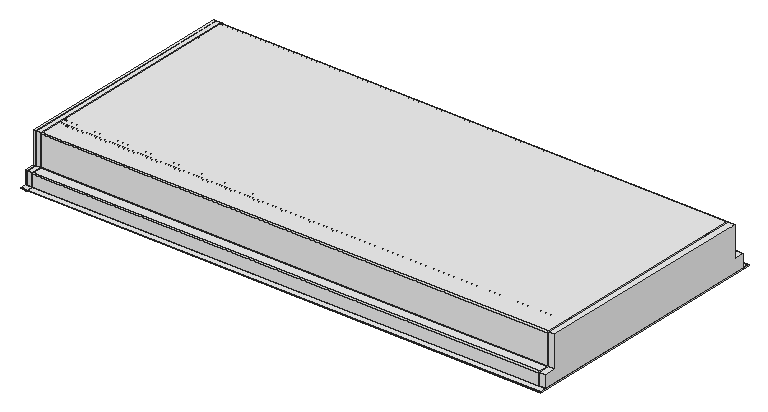
Revit family "VRUi", category Lighting Fixtures, host Ceiling, Revit 2019
Family settings
  Host = Ceiling
  Round Connector Dimension = Use Diameter
  Part Type = Normal
  OmniClass Number = 23.80.70.11.14.17
  OmniClass Title = Direct/Indirect
  Always vertical = Yes
  Cut with Voids When Loaded = No
  Light Source = Yes
  Shared = No
  Room Calculation Point = No
Parameters (values of type "VRUi-2X4-LED840K240LUNV-P82P08")
  Width = 1' - 11 3/4"
  Wattage = 200 W
  built-in parameter 1150110 = 1 (stored number, unit not read)
  Voltage = 120 V
  URL = "https://www.viscor.com/en/products/vru"
  built-in parameter 1114217 = 0.9 (stored number, unit not read)
  Tilt Angle = 90.00°
  built-in parameter 1150109 = 1 (stored number, unit not read)
  built-in parameter 1150134 = 12
  built-in parameter 1150113 = 1 (stored number, unit not read)
  Photometric Web File = "VRUI-2X4 -LED840K240LUNV-P82P08.IES"
  Model = "VRU"  # constant formula
  Manufacturer = "CERTOLUX by VISCOR"  # constant formula
  Lumens = 24000 lm
  built-in parameter 1150115 = 1 (stored number, unit not read)
  built-in parameter 1150105 = 1909.9 (stored number, unit not read)
  built-in parameter 1150137 = (empty or 0)
  built-in parameter 1150139 = (empty or 0)
  Lens2 Finish = none
  Lens1 Finish = Acrylic - Viscor - 0.040" White Frosted  with Polycarbonate Clear  0.125" Thick
  Length = 3' - 11 3/4"
  Lamp Wattage = 200 VA
  built-in parameter 1150112 = 1 (stored number, unit not read)
  built-in parameter 1150114 = 1 (stored number, unit not read)
  Lamp = "LED"  # constant formula
  built-in parameter 1150132 = (empty or 0)
  built-in parameter 1150102 = (empty or 0)
  built-in parameter 1150138 = (empty or 0)
  built-in parameter 1150107 = 4000 (stored number, unit not read)
  built-in parameter 1150106 = 19.099 (stored number, unit not read)
  Housing Finish = Metal - Viscor - White
  Emit from Rectangle Width = Width  # 1' - 11 3/4"
  Emit from Rectangle Length = Length  # 3' - 11 3/4"
  Emit Shape Visible in Rendering = no
  built-in parameter 1150104 = 11.148 (stored number, unit not read)
  Dimming Lamp Color Temperature Shift = <None>
  Description = "LED Vandal Resistant Recessed Universal"  # constant formula
  Color Filter = 16777215
  built-in parameter 1114218 = 1 (stored number, unit not read)
  built-in parameter 1150133 = 10 (stored number, unit not read)
  Assembly Code = "D5020200"
  Apparent Load = Lamp Wattage  # 200 VA
Types (16): name | Width | Wattage | Photometric Web File | Lumens | built-in parameter 1150105 | Lens2 Finish | Length | Lamp Wattage | built-in parameter 1150106 | Emit from Rectangle Width | Emit from Rectangle Length | built-in parameter 1150104 | Apparent Load
  (no name) | 1' - 11 3/4" | 200 W | "VRUI-2X4 -LED840K240LUNV-P82P08.IES" | 24000 lm | 1909.9 (stored number, unit not read) | none | 3' - 11 3/4" | 200 VA | 19.099 (stored number, unit not read) | 1' - 11 3/4" | 3' - 11 3/4" | 11.148 (stored number, unit not read) | 200 VA
  VRUi-1X4-LED840K035LUNV-P82P08 | 0' - 11 3/4" | 33 W | "VRUI-1X4-LED840K035LUNV-P82P08.ies" | 3564 lm | 283.61 (stored number, unit not read) | Polycarbonate - Viscor - 0.156in Prismatic | 3' - 11 3/4" | 33 VA | 2.8361 (stored number, unit not read) | 0' - 11 3/4" | 3' - 11 3/4" | 10.034 (stored number, unit not read) | 33 VA
  VRUi-2X2-LED840K035LUNV-P82P08 | 1' - 11 3/4" | 32 W | "VRUI-2X2-LED840K035LUNV-P82P08.ies" | 3552 lm | 282.66 (stored number, unit not read) | none | 1' - 11 3/4" | 32 VA | 2.8266 (stored number, unit not read) | 1' - 11 3/4" | 1' - 11 3/4" | 10.312 (stored number, unit not read) | 32 VA
  VRUi-2X4-LED840K055LUNV-P82P08 | 1' - 11 3/4" | 47 W | "VRUI-2X4-LED840K055LUNV-P82P08.ies" | 5546 lm | 441.34 (stored number, unit not read) | none | 3' - 11 3/4" | 47 VA | 4.4134 (stored number, unit not read) | 1' - 11 3/4" | 3' - 11 3/4" | 10.963 (stored number, unit not read) | 47 VA
  VRUi-1X4-LED840K055LUNV-P82P08 | 0' - 11 3/4" | 53 W | "VRUI-1X4-LED840K055LUNV-P82P08.ies" | 5512 lm | 438.63 (stored number, unit not read) | none | 3' - 11 3/4" | 53 VA | 4.3863 (stored number, unit not read) | 0' - 11 3/4" | 3' - 11 3/4" | 9.6619 (stored number, unit not read) | 53 VA
  VRUi-1X4-LED840K070LUNV-P82P08 | 0' - 11 3/4" | 70 W | "VRUI-1X4-LED840K070LUNV-P82P08.ies" | 7070 lm | 562.61 (stored number, unit not read) | none | 3' - 11 3/4" | 70 VA | 5.6261 (stored number, unit not read) | 0' - 11 3/4" | 3' - 11 3/4" | 9.3832 (stored number, unit not read) | 70 VA
  VRUi-1X4-LED840K100LUNV-P82P08 | 0' - 11 3/4" | 99 W | "VRUI-1X4-LED840K100LUNV-P82P08.ies" | 10098 lm | 803.57 (stored number, unit not read) | none | 3' - 11 3/4" | 99 VA | 8.0357 (stored number, unit not read) | 0' - 11 3/4" | 3' - 11 3/4" | 9.4761 (stored number, unit not read) | 99 VA
  VRUi-2X2-LED840K055LUNV-P82P08 | 1' - 11 3/4" | 52 W | "VRUI-2X2-LED840K055LUNV-P82P08.ies" | 5564 lm | 442.77 (stored number, unit not read) | none | 1' - 11 3/4" | 52 VA | 4.4277 (stored number, unit not read) | 1' - 11 3/4" | 1' - 11 3/4" | 9.9406 (stored number, unit not read) | 52 VA
  VRUi-2X2-LED840K070LUNV-P82P08 | 1' - 11 3/4" | 68 W | "VRUI-2X2-LED840K070LUNV-P82P08.ies" | 7072 lm | 562.77 (stored number, unit not read) | none | 1' - 11 3/4" | 68 VA | 5.6277 (stored number, unit not read) | 1' - 11 3/4" | 1' - 11 3/4" | 9.6619 (stored number, unit not read) | 68 VA
  VRUi-2X2-LED840K100LUNV-P82P08 | 1' - 11 3/4" | 98 W | "VRUI-2X2-LED840K100LUNV-P82P08.ies" | 9996 lm | 795.46 (stored number, unit not read) | none | 1' - 11 3/4" | 98 VA | 7.9546 (stored number, unit not read) | 1' - 11 3/4" | 1' - 11 3/4" | 9.4761 (stored number, unit not read) | 98 VA
  VRUi-2X4-LED840K070LUNV-P82P08 | 1' - 11 3/4" | 61 W | "VRUI-2X4-LED840K070LUNV-P82P08.ies" | 7076 lm | 563.09 (stored number, unit not read) | none | 3' - 11 3/4" | 61 VA | 5.6309 (stored number, unit not read) | 1' - 11 3/4" | 3' - 11 3/4" | 10.777 (stored number, unit not read) | 61 VA
  VRUi-2X4-LED840K100LUNV-P82P08 | 1' - 11 3/4" | 82 W | "VRUI-2X4-LED840K100LUNV-P82P08.ies" | 10004 lm | 796.09 (stored number, unit not read) | none | 3' - 11 3/4" | 82 VA | 7.9609 (stored number, unit not read) | 1' - 11 3/4" | 3' - 11 3/4" | 11.334 (stored number, unit not read) | 82 VA
  VRUi-2X4-LED840K120LUNV-P82P08 | 1' - 11 3/4" | 101 W | "VRUI-2X4-LED840K120LUNV-P82P08.ies" | 12120 lm | 964.48 (stored number, unit not read) | none | 3' - 11 3/4" | 101 VA | 9.6448 (stored number, unit not read) | 1' - 11 3/4" | 3' - 11 3/4" | 11.148 (stored number, unit not read) | 101 VA
  VRUi-2X4-LED840K180LUNV-P82P08 | 1' - 11 3/4" | 146 W | "MD1UI-2X4-LED840K180LUNV-P82P68.ies" | 18104 lm | 1440.7 (stored number, unit not read) | none | 3' - 11 3/4" | 146 VA | 14.407 (stored number, unit not read) | 1' - 11 3/4" | 3' - 11 3/4" | 11.52 (stored number, unit not read) | 146 VA
  VRUi-2X4-LED840K240LUNV-P82P08 | 1' - 11 3/4" | 200 W | "VRUI-2X4 -LED840K240LUNV-P82P08.IES" | 24000 lm | 1909.9 (stored number, unit not read) | none | 3' - 11 3/4" | 200 VA | 19.099 (stored number, unit not read) | 1' - 11 3/4" | 3' - 11 3/4" | 11.148 (stored number, unit not read) | 200 VA
  VRUi-1X4-LED835K035LUNV-P42 | 0' - 11 3/4" | 34 W | "VRUI-1X4-LED835K035LUNV-P42.ies" | 3162 lm | 251.62 (stored number, unit not read) | Polycarbonate - Viscor - 0.156in Prismatic | 3' - 11 3/4" | 34 VA | 2.5162 (stored number, unit not read) | 0' - 11 3/4" | 3' - 11 3/4" | 8.64 (stored number, unit not read) | 34 VA
Reference planes (in)
  plane 1 "Light Source Axis (F/B)": y = 0
  plane 2 "Ceiling": z = 96
  plane 3 "Light Source Axis (L/R)": x = 0
  plane 4 "Light Source Elevation": z = 96
  plane 5: y = 11.875
  plane 6: y = -11.875
  plane 7 "Left": x = -23.875
  plane 8 "Right": x = 23.875
  plane 9: x = -23.25
  plane 10: x = 23.25
  plane 11: x = -22.625
  plane 12: x = 22.625
  plane 13 "USofFrame": z = 96.045
  plane 14: y = -11.25
  plane 15: y = 11.25
  plane 16 "Lens": z = 96.17
Forms (in)
  Extrusion 1, solid, material "Metal - Viscor - White" <- "Housing Finish"
    sketch origin (0, 0, 0) x (0, 1, 0) y (0, 0, 1)
      loop
        arc (11.3015, 97.168) -> (11.28217, 97.21467) -> (11.2355, 97.234) r 0.066
        line (11.2355, 97.234) -> (10.3115, 97.234)
        arc (10.3115, 97.234) -> (10.29029, 97.24279) -> (10.2815, 97.264) r 0.03
        line (10.2815, 97.264) -> (10.2815, 100.007)
        arc (10.2815, 100.007) -> (10.26217, 100.05367) -> (10.2155, 100.073) r 0.066
        line (10.2155, 100.073) -> (-10.2155, 100.073)
        arc (-10.2155, 100.073) -> (-10.26217, 100.05367) -> (-10.2815, 100.007) r 0.066
        line (-10.2815, 100.007) -> (-10.2815, 97.264)
        arc (-10.2815, 97.264) -> (-10.29029, 97.24279) -> (-10.3115, 97.234) r 0.03
        line (-10.3115, 97.234) -> (-11.2355, 97.234)
        arc (-11.2355, 97.234) -> (-11.28217, 97.21467) -> (-11.3015, 97.168) r 0.066
        line (-11.3015, 97.168) -> (-11.3015, 96.073) -> (-11.26634, 96.073) -> (-11.26634, 97.168)
        arc (-11.26634, 97.168) -> (-11.25731, 97.18981) -> (-11.2355, 97.19884) r 0.03084
        line (-11.2355, 97.19884) -> (-10.3115, 97.19884)
        arc (-10.3115, 97.19884) -> (-10.26543, 97.21793) -> (-10.24634, 97.264) r 0.06516
        line (-10.24634, 97.264) -> (-10.24634, 100.007)
        arc (-10.24634, 100.007) -> (-10.23731, 100.02881) -> (-10.2155, 100.03784) r 0.03084
        line (-10.2155, 100.03784) -> (10.2155, 100.03784)
        arc (10.2155, 100.03784) -> (10.23731, 100.02881) -> (10.24634, 100.007) r 0.03084
        line (10.24634, 100.007) -> (10.24634, 97.264)
        arc (10.24634, 97.264) -> (10.26543, 97.21793) -> (10.3115, 97.19884) r 0.06516
        line (10.3115, 97.19884) -> (11.2355, 97.19884)
        arc (11.2355, 97.19884) -> (11.25731, 97.18981) -> (11.26634, 97.168) r 0.03084
        line (11.26634, 97.168) -> (11.26634, 96.073) -> (11.3015, 96.073) -> (11.3015, 97.168)
    from -23.25 to 23.25
  Extrusion 2, solid
    sketch origin (0, 0, 0) x (0, 1, 0) y (0, 0, 1)
      loop
        arc (7.664, 100.03702) -> (7.61097, 100.01506) -> (7.58901, 99.96204) r 0.07499
        line (7.58901, 99.96204) -> (7.589, 99.487)
        arc (7.589, 99.487) -> (7.57758, 99.45942) -> (7.55, 99.448) r 0.039
        line (7.55, 99.448) -> (-7.55, 99.448)
        arc (-7.55, 99.448) -> (-7.57758, 99.45942) -> (-7.589, 99.487) r 0.039
        line (-7.589, 99.487) -> (-7.589, 99.96195)
        arc (-7.589, 99.96195) -> (-7.61097, 100.01498) -> (-7.664, 100.037) r 0.075
        line (-7.664, 100.037) -> (-8.214, 100.037) -> (-8.214, 100.00184) -> (-7.664, 100.00179)
        arc (-7.664, 100.00179) -> (-7.63583, 99.99012) -> (-7.62416, 99.96195) r 0.03984
        line (-7.62416, 99.96195) -> (-7.62416, 99.487)
        arc (-7.62416, 99.487) -> (-7.60244, 99.43456) -> (-7.55, 99.41284) r 0.07416
        line (-7.55, 99.41284) -> (7.55, 99.41284)
        arc (7.55, 99.41284) -> (7.60244, 99.43456) -> (7.62417, 99.487) r 0.07416
        line (7.62417, 99.487) -> (7.62417, 99.96204)
        arc (7.62417, 99.96204) -> (7.63583, 99.9902) -> (7.664, 100.00187) r 0.03983
        line (7.664, 100.00187) -> (8.214, 100.00187) -> (8.214, 100.03702) -> (7.664, 100.03702)
    from -23.25 to 23.25
  Extrusion 3, solid, material "Metal - Viscor - White" <- "Housing Finish"
    sketch origin (0, 0, 0) x (0, 1, 0) y (0, 0, 1)
      loop
        line (11.299, 96.095) -> (11.299, 97.234) -> (10.2815, 97.234) -> (10.2815, 100.073) -> (-10.2815, 100.073) -> (-10.2815, 97.234) -> (-11.3015, 97.234) -> (-11.3015, 96.095) -> (11.299, 96.095)
    from -23.875 to -23.25
  Extrusion 4, void
    sketch origin (-23.25, 0, 0) x (0, -1, 0) y (0, 0, 1)
      loop
        line (10.24634, 100.03784) -> (-10.24634, 100.03784) -> (-10.24634, 97.19884) -> (-11.26384, 97.19884) -> (-11.26384, 96.13016) -> (11.26634, 96.13016) -> (11.26634, 97.19884) -> (10.24634, 97.19884) -> (10.24634, 100.03784)
    from 0 to 0.47339
  Extrusion 5, solid, material "Metal - Viscor - White" <- "Housing Finish"
    sketch origin (0, 0, 0) x (0, 1, 0) y (0, 0, -1)
      loop
        line (11.299, -96.095) -> (-11.3015, -96.095) -> (-11.3015, -97.234) -> (-10.2815, -97.234) -> (-10.2815, -100.073) -> (10.2815, -100.073) -> (10.2815, -97.234) -> (11.299, -97.234) -> (11.299, -96.095)
    from -23.875 to -23.25
  Extrusion 6, void
    sketch origin (23.25, 0, 0) x (0, -1, 0) y (0, 0, -1)
      loop
        line (10.24634, -100.03784) -> (10.24634, -97.19884) -> (11.26634, -97.19884) -> (11.26634, -96.13016) -> (-11.26384, -96.13016) -> (-11.26384, -97.19884) -> (-10.24634, -97.19884) -> (-10.24634, -100.03784) -> (10.24634, -100.03784)
    from 0 to 0.47339
  Extrusion 7, solid, material "Metal - Viscor - White" <- "Housing Finish"
    sketch origin (0, 0, 0) x (0, 1, 0) y (0, 0, 1)
      loop
        line (10.39827, 96.724) -> (9.1406, 97.23213) -> (7.45632, 99.38791)
        arc (7.45632, 99.38791) -> (7.43432, 99.40566) -> (7.40677, 99.412) r 0.063
        line (7.40677, 99.412) -> (6.8125, 99.412) -> (6.8125, 99.38075) -> (7.42226, 99.38075) -> (9.12113, 97.20629) -> (10.38657, 96.69503) -> (10.39827, 96.724)
    from -22.625 to 22.625
  Extrusion 8, solid, material "Metal - Viscor - White" <- "Housing Finish"
    sketch origin (0, 0, 0) x (0, -1, 0) y (0, 0, -1)
      loop
        line (10.39827, -96.724) -> (10.38657, -96.69503) -> (9.12113, -97.20629) -> (7.42226, -99.38075) -> (6.8125, -99.38075) -> (6.8125, -99.412) -> (7.40677, -99.412)
        arc (7.40677, -99.412) -> (7.43432, -99.40566) -> (7.45632, -99.38791) r 0.063
        line (7.45632, -99.38791) -> (9.1406, -97.23213) -> (10.39827, -96.724)
    from -22.625 to 22.625
  Extrusion 9, solid, material "Metal - Viscor - White" <- "Housing Finish"
    sketch origin (0, 0, 0) x (0, 1, 0) y (0, 0, 1)
      loop
        line (11.8745, 96) -> (11.8745, 96.04687) -> (11.2715, 96.04688)
        arc (11.2715, 96.04688) -> (11.24313, 96.05863) -> (11.23067, 96.087) r 0.04012
        line (11.23067, 96.087) -> (11.23067, 96.63488) -> (-11.23138, 96.63488) -> (-11.23138, 96.087)
        arc (-11.23138, 96.087) -> (-11.24313, 96.05863) -> (-11.2715, 96.04687) r 0.04012
        line (-11.2715, 96.04687) -> (-11.8745, 96.04687) -> (-11.8745, 96) -> (-11.2715, 96)
        arc (-11.2715, 96) -> (-11.20998, 96.02548) -> (-11.1845, 96.087) r 0.087
        line (-11.1845, 96.087) -> (-11.1845, 96.588) -> (11.18379, 96.588) -> (11.1845, 96.087)
        arc (11.1845, 96.087) -> (11.20998, 96.02548) -> (11.2715, 96) r 0.087
        line (11.2715, 96) -> (11.8745, 96)
    from -23.875 to 23.875
  Extrusion 10, solid, material "Metal - Viscor - White" <- "Housing Finish"
    sketch origin (0, 0, 96) x (1, 0, 0) y (0, 1, 0)
      loop
        line (-23.875, -11.875) -> (-23.25, -11.875) -> (-23.25, 11.875) -> (-23.875, 11.875) -> (-23.875, -11.875)
    from 0 to 0.045
  Extrusion 11, solid, material "Metal - Viscor - White" <- "Housing Finish"
    sketch origin (0, 0, 96) x (1, 0, 0) y (0, 1, 0)
      loop
        line (23.25, -11.875) -> (23.875, -11.875) -> (23.875, 11.875) -> (23.25, 11.875) -> (23.25, -11.875)
    from 0 to 0.045
  Extrusion 12, solid, material "Metal - Viscor - White" <- "Housing Finish"
    sketch origin (0, 0, 96) x (1, 0, 0) y (0, 1, 0)
      loop
        line (-23.25, -11.25) -> (23.25, -11.25) -> (23.25, 11.25) -> (-23.25, 11.25) -> (-23.25, -11.25)
      loop
        line (-22, -10) -> (22, -10) -> (22, 10) -> (-22, 10) -> (-22, -10)
    from 0 to 0.045
  Extrusion 13, void
    sketch origin (0, 0, 96) x (1, 0, 0) y (0, 1, 0)
      loop
        line (-22.625, -9.5905) -> (22.625, -9.5905) -> (22.625, 9.5905) -> (-22.625, 9.5905) -> (-22.625, -9.5905)
    from 0.048 to 0.25572
  Extrusion 14, solid, material "Acrylic - Viscor - 0.040" White Frosted  with Polycarbonate Clear  0.125" Thick" <- "Lens1 Finish"
    sketch origin (0, 0, 96) x (1, 0, 0) y (0, 1, 0)
      loop
        line (-22.25, -10.25) -> (22.25, -10.25) -> (22.25, 10.25) -> (-22.25, 10.25) -> (-22.25, -10.25)
    from 0.045 to 0.17
  Extrusion 15, void
    sketch origin (43.99109, -53.88196, 0) x (1, 0, 0) y (0, 1, 0)
      loop
        line (-67.86609, 65.75696) -> (-67.86609, 42.00696) -> (-20.11609, 42.00696) -> (-20.11609, 65.75696) -> (-67.86609, 65.75696)
    from 95.17339 to 100.66621
Cuts and joins
  Extrusion 4, Extrusion 6, Extrusion 13 cuts Extrusion 2
  Extrusion 4, Extrusion 6 cuts Extrusion 3
  Extrusion 6 cuts Extrusion 5
  Extrusion 13 cuts Extrusion 1
  Extrusion 13 cuts Extrusion 7
  Extrusion 13 cuts Extrusion 8
  Extrusion 13 cuts Extrusion 9
  Extrusion 13 cuts Extrusion 12
Dimensions and locks (in)
  equal spacing: host sketch curve, plane 3 "Light Source Axis (L/R)", host sketch curve
  equal spacing: host sketch curve, plane 1 "Light Source Axis (F/B)", host sketch curve
  host sketch curve to host sketch curve = 10' - 0"  (x2)
  locked: import instance to host ceiling at 4.109
  equal spacing: plane 7 "Left", plane 3 "Light Source Axis (L/R)", plane 8 "Right"
  "Length": plane 7 "Left" to plane 8 "Right"
  equal spacing: plane 5, plane 1 "Light Source Axis (F/B)", plane 6
  "Width": plane 5 to plane 6
  locked: plane 11 to plane 9 at 0.625
  locked: plane 7 "Left" to plane 9 at 0.625
  plane 12 to plane 10 = 0' - 0 5/8"
  plane 10 to plane 8 "Right" = 0' - 0 5/8"
  locked: plane 13 "USofFrame" to plane 2 "Ceiling" at 0.045
  equal spacing: plane 5, Extrusion 12 sketch curve, Extrusion 12 sketch curve
  equal spacing: plane 7 "Left", Extrusion 12 sketch curve, Extrusion 12 sketch curve
  locked: plane 6 to Extrusion 12 sketch curve at 0.625
  locked: plane 8 "Right" to Extrusion 12 sketch curve at 0.625
  plane 16 "Lens" to plane 13 "USofFrame" = 0' - 0 1/8"
  aligned and locked: plane 3 "Light Source Axis (L/R)" to imposter light
  aligned and locked: plane 1 "Light Source Axis (F/B)" to imposter light
  aligned and locked: plane 4 "Light Source Elevation" to imposter light
  aligned and locked: Extrusion 1 to plane 9
  aligned and locked: plane 10 to Extrusion 1
  aligned and locked: Extrusion 2 to plane 9
  aligned and locked: plane 10 to Extrusion 2
  aligned and locked: Extrusion 3 to plane 7 "Left"
  aligned and locked: plane 9 to Extrusion 3
  aligned and locked: Extrusion 7 to plane 11
  aligned and locked: plane 12 to Extrusion 7
  aligned and locked: Extrusion 8 to plane 11
  aligned and locked: plane 12 to Extrusion 8
  aligned and locked: plane 8 "Right" to cut or joined group of Extrusion 5, Extrusion 6
  aligned and locked: cut or joined group of Extrusion 5, Extrusion 6 to plane 10
  aligned and locked: Extrusion 9 to plane 7 "Left"
  aligned and locked: plane 8 "Right" to Extrusion 9
  aligned and locked: Extrusion 10 sketch curve to plane 7 "Left"
  aligned and locked: plane 9 to Extrusion 10 sketch curve
  aligned and locked: plane 13 "USofFrame" to Extrusion 10
  aligned and locked: Extrusion 11 sketch curve to plane 10
  aligned and locked: Extrusion 11 sketch curve to plane 6
  aligned and locked: plane 5 to Extrusion 11 sketch curve
  aligned and locked: plane 13 "USofFrame" to Extrusion 11
  aligned and locked: plane 13 "USofFrame" to Extrusion 12
  aligned and locked: Extrusion 14 to plane 13 "USofFrame"
  aligned and locked: plane 16 "Lens" to Extrusion 14
  aligned and locked: Extrusion 15 to plane 7 "Left"
  aligned and locked: plane 8 "Right" to Extrusion 15
  aligned and locked: Extrusion 15 to plane 6
  aligned and locked: plane 5 to Extrusion 15
Automatic sketch dimensions
  Extrusion 1 sketch curve to Extrusion 1 sketch curve = 0' - 0"  (x12)
  plane 2 "Ceiling" to Extrusion 1 sketch curve = 0' - 0.073"  (x2)
  plane 6 to Extrusion 1 sketch curve = 0' - 0.5735"
  Extrusion 1 sketch curve to Extrusion 1 sketch curve = 0' - 0 9/256"
  Extrusion 1 sketch curve to Extrusion 1 sketch curve = 0' - 0.03084"  (x4)
  Extrusion 1 sketch curve to Extrusion 1 sketch curve = 0' - 0.924"
  Extrusion 1 sketch curve to Extrusion 1 sketch curve = 0' - 0.03"  (x2)
  Extrusion 1 sketch curve to plane 5 = 0' - 1.6595"
  Extrusion 1 sketch curve to plane 5 = 0' - 0.6395"
  Extrusion 1 sketch curve to Extrusion 1 sketch curve = 0' - 1.095"  (x2)
  Extrusion 1 sketch curve to Extrusion 1 sketch curve = 0' - 2.743"
  Extrusion 2 sketch curve to Extrusion 2 sketch curve = 0' - 0"  (x18)
  plane 6 to Extrusion 2 sketch curve = 0' - 3.661"
  Extrusion 2 sketch curve to Extrusion 2 sketch curve = 0' - 0.55"  (x2)
  Extrusion 2 sketch curve to Extrusion 2 sketch curve = 0' - 0.03984"
  Extrusion 2 sketch curve to Extrusion 2 sketch curve = 0' - 0 9/256"  (x4)
  Extrusion 2 sketch curve to Extrusion 2 sketch curve = 0' - 0.039"  (x3)
  Extrusion 2 sketch curve to plane 5 = 0' - 4.325"
  Extrusion 2 sketch curve to Extrusion 2 sketch curve = 0' - 0.03901"
  Extrusion 2 sketch curve to Extrusion 2 sketch curve = 0' - 0.03983"
  plane 2 "Ceiling" to Extrusion 2 sketch curve = 0' - 3.41284"
  Extrusion 2 sketch curve to Extrusion 2 sketch curve = 0' - 0.47495"
  Extrusion 2 sketch curve to Extrusion 2 sketch curve = 0' - 0.47504"
  Extrusion 2 sketch curve to Extrusion 2 sketch curve = 0' - 0.00005"
  plane 2 "Ceiling" to Extrusion 3 sketch curve = 0' - 0.095"
  plane 6 to Extrusion 3 sketch curve = 0' - 0.5735"
  Extrusion 3 sketch curve to Extrusion 3 sketch curve = 0' - 1.02"
  Extrusion 3 sketch curve to plane 5 = 0' - 1.5935"
  Extrusion 3 sketch curve to plane 5 = 0' - 0.576"
  Extrusion 3 sketch curve to Extrusion 3 sketch curve = 0' - 1.139"  (x2)
  Extrusion 3 sketch curve to Extrusion 3 sketch curve = 0' - 2.839"
  Extrusion 3 to Extrusion 4 sketch curve = 0' - 0 9/256"  (x8)
  plane 2 "Ceiling" to Extrusion 5 sketch curve = 0' - 0.095"
  plane 6 to Extrusion 5 sketch curve = 0' - 0.5735"
  Extrusion 5 sketch curve to Extrusion 5 sketch curve = 0' - 1.02"
  Extrusion 5 sketch curve to plane 5 = 0' - 1.5935"
  Extrusion 5 sketch curve to plane 5 = 0' - 0.576"
  plane 2 "Ceiling" to Extrusion 5 sketch curve = 0' - 1.234"
  Extrusion 5 sketch curve to Extrusion 5 sketch curve = 0' - 1.139"
  Extrusion 5 sketch curve to Extrusion 5 sketch curve = 0' - 2.839"
  Extrusion 5 to Extrusion 6 sketch curve = 0' - 0 9/256"  (x8)
  Extrusion 7 sketch curve to plane 5 = 0' - 5 1/16"
  Extrusion 7 sketch curve to Extrusion 7 sketch curve = 0' - 0.59427"
  Extrusion 7 sketch curve to Extrusion 7 sketch curve = 0' - 0.01549"
  Extrusion 7 sketch curve to Extrusion 7 sketch curve = 0' - 0.03406"
  plane 2 "Ceiling" to Extrusion 7 sketch curve = 0' - 1.20629"
  Extrusion 7 sketch curve to Extrusion 7 sketch curve = 0' - 1.71436"
  plane 2 "Ceiling" to Extrusion 7 sketch curve = 0' - 1.23213"
  Extrusion 7 sketch curve to Extrusion 7 sketch curve = 0' - 0.01947"
  plane 2 "Ceiling" to Extrusion 7 sketch curve = 0' - 0.69503"
  Extrusion 7 sketch curve to Extrusion 7 sketch curve = 0' - 1.24597"
  Extrusion 7 sketch curve to Extrusion 7 sketch curve = 0' - 2.11687"
  Extrusion 7 sketch curve to Extrusion 7 sketch curve = 0' - 0.03175"
  Extrusion 7 sketch curve to Extrusion 7 sketch curve = 0' - 0.00716"
  Extrusion 7 sketch curve to Extrusion 7 sketch curve = 0' - 0 1/32"
  Extrusion 7 sketch curve to Extrusion 7 sketch curve = 0' - 0"
  Extrusion 8 sketch curve to plane 6 = 0' - 5 1/16"
  Extrusion 8 sketch curve to Extrusion 8 sketch curve = 0' - 0.59427"
  Extrusion 8 sketch curve to Extrusion 8 sketch curve = 0' - 0.01549"
  Extrusion 8 sketch curve to Extrusion 8 sketch curve = 0' - 0.03406"
  Extrusion 8 sketch curve to plane 2 "Ceiling" = 0' - 1.20629"
  Extrusion 8 sketch curve to Extrusion 8 sketch curve = 0' - 1.71436"
  Extrusion 8 sketch curve to plane 2 "Ceiling" = 0' - 1.23213"
  Extrusion 8 sketch curve to Extrusion 8 sketch curve = 0' - 0.01947"
  Extrusion 8 sketch curve to plane 2 "Ceiling" = 0' - 0.69503"
  Extrusion 8 sketch curve to Extrusion 8 sketch curve = 0' - 1.24597"
  Extrusion 8 sketch curve to Extrusion 8 sketch curve = 0' - 2.11687"
  Extrusion 8 sketch curve to Extrusion 8 sketch curve = 0' - 0.03175"
  Extrusion 8 sketch curve to Extrusion 8 sketch curve = 0' - 0.00716"
  Extrusion 8 sketch curve to Extrusion 8 sketch curve = 0' - 0 1/32"
  Extrusion 8 sketch curve to Extrusion 8 sketch curve = 0' - 0"
  Extrusion 9 sketch curve to Extrusion 9 sketch curve = 0' - 0"  (x15)
  plane 6 to Extrusion 9 sketch curve = 0' - 0.0005"
  plane 2 "Ceiling" to Extrusion 9 sketch curve = 0' - 0.087"  (x2)
  plane 6 to Extrusion 9 sketch curve = 0' - 0.6035"
  Extrusion 9 sketch curve to Extrusion 9 sketch curve = 0' - 0.04013"
  Extrusion 9 sketch curve to Extrusion 9 sketch curve = 0' - 0 3/64"  (x3)
  Extrusion 9 sketch curve to plane 5 = 0' - 0.69121"
  Extrusion 9 sketch curve to Extrusion 9 sketch curve = 0' - 0.04083"
  plane 2 "Ceiling" to Extrusion 9 sketch curve = 0' - 0 3/64"
  Extrusion 9 sketch curve to plane 2 "Ceiling" = 0' - 0"  (x2)
  Extrusion 9 sketch curve to Extrusion 9 sketch curve = 0' - 0.501"
  Extrusion 9 sketch curve to Extrusion 9 sketch curve = 0' - 0.00071"  (x2)
  Extrusion 9 sketch curve to plane 5 = 0' - 0.0005"
  Extrusion 10 sketch curve to plane 6 = 0' - 0"
  Extrusion 10 sketch curve to plane 5 = 0' - 0"
  Extrusion 11 sketch curve to plane 8 "Right" = 0' - 0"
  Extrusion 12 sketch curve to plane 9 = 0' - 0"
  plane 11 to Extrusion 12 sketch curve = 0' - 0 5/8"
  Extrusion 12 sketch curve to plane 12 = 0' - 0 5/8"
  Extrusion 12 sketch curve to Extrusion 12 sketch curve = 0' - 1 1/4"
  Extrusion 12 sketch curve to plane 5 = 0' - 1 7/8"
  Extrusion 12 sketch curve to plane 5 = 0' - 0 5/8"
  Extrusion 13 sketch curve to plane 11 = 0' - 0"
  Extrusion 13 sketch curve to plane 12 = 0' - 0"
  plane 6 to Extrusion 13 sketch curve = 0' - 2.2845"
  Extrusion 13 sketch curve to plane 5 = 0' - 2.2845"
  plane 11 to Extrusion 14 sketch curve = 0' - 0 3/8"
  Extrusion 14 sketch curve to plane 12 = 0' - 0 3/8"
  plane 6 to Extrusion 14 sketch curve = 0' - 1 5/8"
  Extrusion 14 sketch curve to plane 5 = 0' - 1 5/8"
  Extrusion 15 sketch curve to plane 5 = 1' - 11 3/4"
  Extrusion 15 sketch curve to plane 7 "Left" = 0' - 0"
  plane 7 "Left" to Extrusion 15 sketch curve = 3' - 11 3/4"
  Extrusion 15 sketch curve to Extrusion 15 sketch curve = 1' - 11 3/4"
Connectors (in)
  electrical at (0, 0, 96), driven by "Voltage", driven by "Apparent Load"
    settings: index 1, voltage 120 V, apparent load 0 VA, apparent load phase1 200 VA, apparent load phase2 0 VA, apparent load phase3 0 VA, power factor 1, load classification "Other", number of poles 1, system type 31, power factor state 1, is connector primary yes, connector utility no, sub classification motor no, connector description ""
